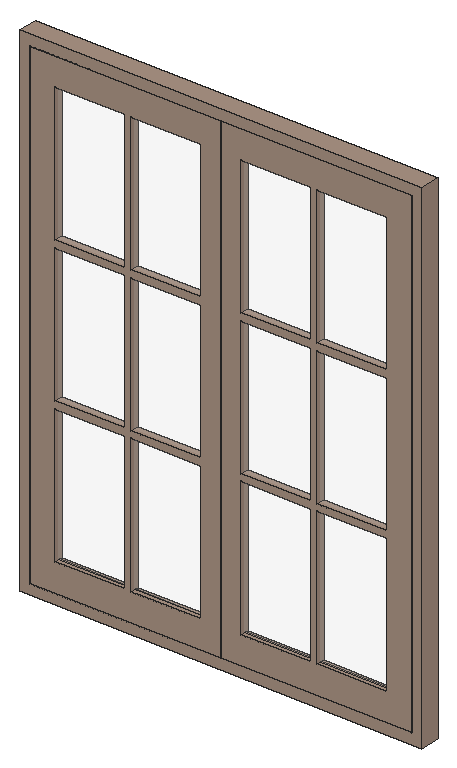
Revit family
Parameters (values of type "1200 x 1500 mm")
  Top Rail = 70 mm
  Stile = 60 mm
  Panel Material = Glass - Clear
  Frame/Shutter Material = Wood
  Height = 1500 mm
  Frame Width = 45 mm
  Frame Depth = 60 mm
  Default Sill Height = 900 mm
  Wall Closure = (empty or 0)
  Width = 1200 mm
  Bottom Rail = 70 mm
Types (4, lengths in mm): name | Width
  (no name) | 1200
  1200 x 1500 mm | 1200
  1500 x 1500 mm | 1500
  1800 x1500 mm | 1800
Reference planes
  plane 1: y = 0
  plane 2 "Center (Left/Right)": x = 0
  plane 3 "Left": x = -600
  plane 4 "Right": x = 600
  plane 5 "Sill": z = 900
  plane 6 "Head": z = 2400
  plane 7 "Exterior": y = 75
  plane 8 "Interior": y = -75
  plane 9: y = 30
  plane 10: y = -30
  plane 11: x = -555
  plane 12: x = 555
  plane 13: z = 2355
  plane 14: z = 945
  plane 15: z = 2285
  plane 16: z = 1015
  plane 17: x = -60
  plane 18: x = 60
  plane 19: x = -495
  plane 20: x = 495
  plane 21: z = 2295
  plane 22: z = 1005
  plane 23: z = 1865
  plane 24: z = 1435
  plane 25: x = -505
  plane 26: x = -50
  plane 27: x = -277.5
  plane 28: z = 1650
  plane 29: x = 50
  plane 30: x = 505
  plane 31: x = 277.5
  plane 32: z = 2295
  plane 33: z = 1005
  plane 34: z = 1865
  plane 35: z = 1435
Forms (mm)
  Sweep 1, solid, material "Wood" <- "Frame/Shutter Material"
    path origin (0, 0, 0) x (1, 0, 0) y (0, 0, 1)
      loop
        line (600, 2400) -> (-600, 2400) -> (-600, 900) -> (600, 900) -> (600, 2400)
    profile origin (0, 0, 1650) x (0, -1, 0) y (1, 0, 0)
      loop
        line (-30, 600) -> (-30, 555) -> (5, 555) -> (5, 569.701) -> (30, 569.701) -> (30, 600) -> (-30, 600)
  Extrusion 2, solid, material "Wood" <- "Frame/Shutter Material"
    sketch origin (0, -30, 0) x (1, 0, 0) y (0, 0, 1)
      loop
        line (-569.701, 930.299) -> (0, 930.299) -> (0, 2369.701) -> (-569.701, 2369.701) -> (-569.701, 930.299)
      loop
        line (-495, 2285) -> (-495, 1875) -> (-287.5, 1875) -> (-287.5, 2285) -> (-495, 2285)
      loop
        line (-495, 1015) -> (-287.5, 1015) -> (-287.5, 1425) -> (-495, 1425) -> (-495, 1015)
      loop
        line (-60, 1015) -> (-60, 1425) -> (-267.5, 1425) -> (-267.5, 1015) -> (-60, 1015)
      loop
        line (-60, 2285) -> (-267.5, 2285) -> (-267.5, 1875) -> (-60, 1875) -> (-60, 2285)
      loop
        line (-495, 1855) -> (-495, 1445) -> (-287.5, 1445) -> (-287.5, 1855) -> (-495, 1855)
      loop
        line (-60, 1855) -> (-267.5, 1855) -> (-267.5, 1445) -> (-60, 1445) -> (-60, 1855)
    from 0 to -25
  Extrusion 3, solid, material "Glass - Clear" <- "Panel Material"
    sketch origin (0, 0, 1015) x (0, -1, 0) y (-1, 0, 0)
      loop
        line (15.5, 60) -> (19.5, 60) -> (19.5, 495) -> (15.5, 495) -> (15.5, 60)
      loop
        line (15.5, -60) -> (15.5, -495) -> (19.5, -495) -> (19.5, -60) -> (15.5, -60)
    from -1270 to 0
  Extrusion 4, solid, material "Wood" <- "Frame/Shutter Material"
    sketch origin (0, -30, 0) x (1, 0, 0) y (0, 0, 1)
      loop
        line (0, 2369.701) -> (0, 930.299) -> (569.701, 930.299) -> (569.701, 2369.701) -> (0, 2369.701)
      loop
        line (60, 2285) -> (60, 1875) -> (267.5, 1875) -> (267.5, 2285) -> (60, 2285)
      loop
        line (60, 1015) -> (267.5, 1015) -> (267.5, 1425) -> (60, 1425) -> (60, 1015)
      loop
        line (495, 1015) -> (495, 1425) -> (287.5, 1425) -> (287.5, 1015) -> (495, 1015)
      loop
        line (495, 2285) -> (287.5, 2285) -> (287.5, 1875) -> (495, 1875) -> (495, 2285)
      loop
        line (60, 1855) -> (60, 1445) -> (267.5, 1445) -> (267.5, 1855) -> (60, 1855)
      loop
        line (495, 1855) -> (287.5, 1855) -> (287.5, 1445) -> (495, 1445) -> (495, 1855)
    from 0 to -25
Lines and regions (mm)
  Opening 1
    outline origin (3500, -75, 0) x (1, 0, 0) y (0, 0, 1)
      loop
        line (-2900, 900) -> (-2900, 2400) -> (-4100, 2400) -> (-4100, 900) -> (-2900, 900)
  symbolic lines, style "WindowsFrameMullionProjection", detail levels medium+fine
    curve 1: line (-600, 30, 0) -> (-600, -30, 0)
    curve 2: line (-600, 30, 0) -> (-555, 30, 0)
    curve 3: line (-555, -5, 0) -> (-555, 30, 0)
    curve 4: line (-555, -5, 0) -> (-569.701, -5, 0)
    curve 5: line (-569.701, -5, 0) -> (-569.701, -30, 0)
    curve 6: line (-600, -30, 0) -> (-569.701, -30, 0)
    curve 7: line (600, 30, 0) -> (600, -32.23, 0)
    curve 8: line (600, 30, 0) -> (555, 30, 0)
    curve 9: line (555, 30, 0) -> (555, -5, 0)
    curve 10: line (555, -5, 0) -> (569.701, -5, 0)
    curve 11: line (569.701, -5, 0) -> (569.701, -32.23, 0)
    curve 12: line (569.701, -32.23, 0) -> (600, -32.23, 0)
  symbolic lines, style "Plan Swing"
    curve 13: line (-569.701, -5, 0) -> (569.701, -5, 0)
    curve 14: line (-569.701, -30, 0) -> (569.701, -30, 0)
  symbolic lines, style "WindowsFrameMullionProjection", detail levels coarse
    curve 15: line (-569.701, -30, 0) -> (-600, -30, 0)
    curve 16: line (-569.701, 30, 0) -> (-569.701, -30, 0)
    curve 17: line (-600, 30, 0) -> (-569.701, 30, 0)
    curve 18: line (-600, -30, 0) -> (-600, 30, 0)
    curve 19: line (569.701, -30, 0) -> (600, -30, 0)
    curve 20: line (569.701, 30, 0) -> (569.701, -30, 0)
    curve 21: line (600, 30, 0) -> (569.701, 30, 0)
    curve 22: line (600, -30, 0) -> (600, 30, 0)
  symbolic lines, style "Elevation Swing Coarse", detail levels coarse
    curve 23: line (0, 0, 2355) -> (555, 0, 1650)
    curve 24: line (0, 0, 2355) -> (-555, 0, 1650)
    curve 25: line (555, 0, 1650) -> (0, 0, 945)
    curve 26: line (0, 0, 945) -> (-555, 0, 1650)
  symbolic lines, style "Elevation Swing Medium", detail levels medium
    curve 27: line (0, 0, 2355) -> (555, 0, 1650)
    curve 28: line (0, 0, 2355) -> (-555, 0, 1650)
    curve 29: line (555, 0, 1650) -> (0, 0, 945)
    curve 30: line (0, 0, 945) -> (-555, 0, 1650)
  symbolic lines, style "Elevation Swing Fine", detail levels fine
    curve 31: line (0, 0, 2355) -> (555, 0, 1650)
    curve 32: line (0, 0, 2355) -> (-555, 0, 1650)
    curve 33: line (555, 0, 1650) -> (0, 0, 945)
    curve 34: line (0, 0, 945) -> (-555, 0, 1650)
Text (mm)
  text "EXTERIOR" at (-1903.203, 1332.353, 0), in view "Ref. Level"
  text "INTERIOR" at (-1903.203, -818.386, 0), in view "Ref. Level"
  text "Exterior" at (0, 923.751, 2943.296), in view "Right"
  text "Exterior" at (0, 1040.484, 2685.409), in view "Left"
Dimensions and locks
  equal spacing: plane 3 "Left", plane 2 "Center (Left/Right)", plane 4 "Right"
  "Width": plane 3 "Left" to plane 4 "Right"
  "Height": plane 5 "Sill" to plane 6 "Head"
  "Default Sill Height": plane 5 "Sill" to level
  locked: plane 7 "Exterior" to host wall at 0
  locked: plane 8 "Interior" to host wall
  locked: Sweep 1 sketch curve to Sweep 1 sketch curve at 14.701
  locked: Sweep 1 sketch curve to Sweep 1 sketch curve at 25
  equal spacing: plane 10, plane 1, plane 9
  "Frame Depth": plane 10 to plane 9
  "Frame Width": plane 12 to plane 4 "Right"
  "Frame Width": plane 3 "Left" to plane 11
  "Stile": plane 11 to plane 19
  "Stile": plane 20 to plane 12
  "Top Rail": plane 13 to plane 15
  "Bottom Rail": plane 16 to plane 14
  "Frame Width": plane 6 "Head" to plane 13
  "Frame Width": plane 14 to plane 5 "Sill"
  "Stile": plane 2 "Center (Left/Right)" to plane 17
  "Stile": plane 18 to plane 2 "Center (Left/Right)"
  locked: Extrusion 2 to Extrusion 3 sketch curve at 10.5  (x3)
  locked: Extrusion 3 sketch curve to Extrusion 2 at 10.5
  equal spacing: plane 21, plane 23, plane 24, plane 22
  locked: plane 16 to plane 22 at 10
  locked: plane 21 to plane 15 at 10
  equal spacing: plane 26, plane 27, plane 25
  locked: plane 19 to plane 25 at 10
  locked: plane 26 to plane 17 at 10
  equal spacing: plane 6 "Head", plane 28, plane 5 "Sill"
  locked: plane 18 to plane 29 at 10
  locked: plane 30 to plane 20 at 10
  equal spacing: plane 30, plane 31, plane 29
  locked: plane 32 to plane 15 at 10
  locked: plane 16 to plane 33 at 10
  equal spacing: plane 32, plane 34, plane 35, plane 33
  aligned and locked: host wall to Sweep 1 sketch curve
  aligned and locked: Sweep 1 sketch curve to host wall  (x2)
  aligned and locked: Sweep 1 sketch curve to plane 4 "Right"
  aligned and locked: plane 9 to Sweep 1 sketch curve
  aligned and locked: Sweep 1 sketch curve to plane 12
  aligned and locked: plane 10 to Sweep 1 sketch curve
  aligned and locked: Extrusion 2 sketch curve to Sweep 1  (x2)
  aligned and locked: Sweep 1 to Extrusion 2 sketch curve
  aligned and locked: Extrusion 2 sketch curve to plane 19
  aligned and locked: Extrusion 2 sketch curve to plane 15
  aligned and locked: plane 16 to Extrusion 2 sketch curve
  aligned and locked: Extrusion 2 sketch curve to plane 17
  aligned and locked: plane 19 to Extrusion 3 sketch curve  (x2)
  aligned and locked: Extrusion 3 sketch curve to plane 17
  aligned and locked: plane 18 to Extrusion 3 sketch curve  (x2)
  aligned and locked: plane 20 to Extrusion 3 sketch curve
  aligned and locked: Extrusion 3 sketch curve to plane 20
  aligned and locked: Extrusion 3 to plane 15
  aligned and locked: Extrusion 3 to plane 16
  aligned and locked: curve 1 to Sweep 1
  aligned and locked: Sweep 1 to curve 3
  aligned and locked: curve 3 to Sweep 1
  aligned and locked: curve 5 to Sweep 1
  aligned and locked: curve 6 to Sweep 1
  aligned and locked: curve 7 to Sweep 1  (x2)
  aligned and locked: curve 9 to Sweep 1
  aligned and locked: Sweep 1 to curve 10
  aligned and locked: curve 11 to Sweep 1
  aligned and locked: curve 14 to plane 10
  aligned and locked: Sweep 1 to curve 18
  aligned and locked: curve 18 to Sweep 1
  aligned and locked: curve 19 to Sweep 1
  aligned and locked: curve 14 to curve 19
  aligned and locked: curve 22 to Sweep 1
  aligned and locked: Extrusion 2 to Extrusion 4 sketch curve  (x2)
  aligned and locked: Extrusion 4 sketch curve to Extrusion 2
  aligned and locked: Extrusion 4 sketch curve to Sweep 1  (x2)
  aligned and locked: Extrusion 4 sketch curve to Extrusion 3  (x3)
  aligned and locked: Extrusion 3 to Extrusion 4 sketch curve
  aligned and locked: curve 23 to Sweep 1
  aligned and locked: Sweep 1 to curve 23
  aligned and locked: curve 24 to Sweep 1
  aligned and locked: curve 25 to Sweep 1
Automatic sketch dimensions
  Opening 1 sketch curve to plane 3 "Left" = 0 mm
  Opening 1 sketch curve to plane 4 "Right" = 0 mm
  Opening 1 sketch curve to plane 5 "Sill" = 0 mm
  Opening 1 sketch curve to plane 6 "Head" = 0 mm
  Sweep 1 sketch curve to plane 4 "Right" = 0 mm
  plane 10 to curve 7 = 2.23 mm
  curve 13 to curve 10 = 0 mm
  Extrusion 2 sketch curve to plane 19 = 0 mm  (x2)
  Extrusion 2 sketch curve to plane 16 = 0 mm
  Extrusion 2 sketch curve to plane 15 = 0 mm
  Extrusion 2 sketch curve to plane 17 = 0 mm  (x2)
  Extrusion 2 sketch curve to plane 2 "Center (Left/Right)" = 0 mm
  plane 27 to Extrusion 2 sketch curve = 10 mm  (x3)
  Extrusion 2 sketch curve to plane 27 = 10 mm  (x3)
  plane 24 to Extrusion 2 sketch curve = 10 mm  (x2)
  Extrusion 2 sketch curve to plane 24 = 10 mm  (x2)
  plane 23 to Extrusion 2 sketch curve = 10 mm  (x2)
  Extrusion 2 sketch curve to plane 23 = 10 mm  (x2)
  Extrusion 4 sketch curve to plane 18 = 0 mm  (x2)
  Extrusion 4 sketch curve to plane 20 = 0 mm  (x2)
  Extrusion 4 sketch curve to plane 31 = 10 mm  (x3)
  plane 35 to Extrusion 4 sketch curve = 10 mm  (x2)
  plane 34 to Extrusion 4 sketch curve = 10 mm  (x2)
  Extrusion 4 sketch curve to plane 15 = 0 mm
  plane 31 to Extrusion 4 sketch curve = 10 mm  (x3)
  Extrusion 4 sketch curve to plane 34 = 10 mm
  Extrusion 4 sketch curve to plane 35 = 10 mm  (x2)
  Extrusion 4 sketch curve to plane 16 = 0 mm
  curve 26 to plane 28 = 0 mm
  curve 25 to plane 28 = 0 mm
  curve 33 to plane 2 "Center (Left/Right)" = 0 mm
  curve 24 to plane 2 "Center (Left/Right)" = 0 mm
